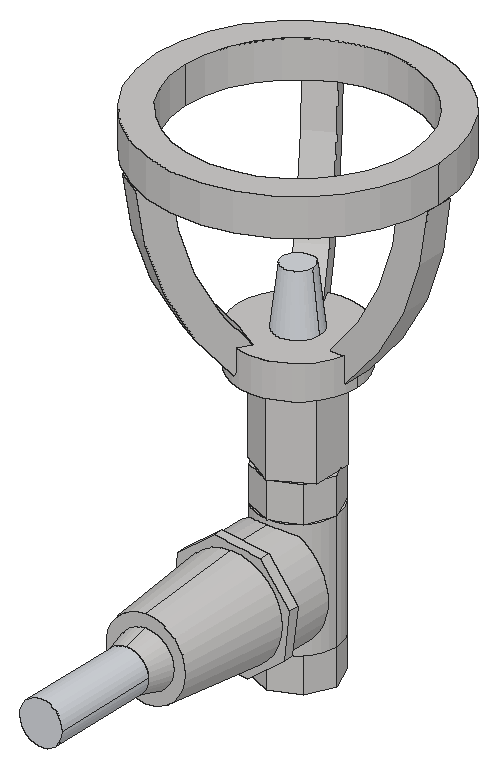
Revit family "BUB206L", category Generic Models, Revit 2015
Parameters
  URL = "www.yepsketch.com"
  Model = "BUB206L"
  Manufacturer = "ENWARE"  # constant formula
  Author = "Yepsketch"  # constant formula
Reference planes
  plane 1 "Center (Front/Back)": y = 0
  plane 2: z = 0
  plane 3 "Center (Left/Right)": x = 0
  plane 4 "REFERENCIA 1": z = 99.956
  plane 5 "REFERENCIA 2": z = 162.819
  plane 6: x = 158.84
  plane 7 "referencia 5": y = -9.899
  plane 8 "referencia6": y = -24.198
  plane 9 "referencia 7": y = -27.198
  plane 10 "referencia 8": y = -62.094
  plane 11 "REFERENCIA 10": z = 111.054
  plane 12: x = 70
  plane 13: z = 165
  plane 14: y = -70
  plane 15: z = 120
  plane 16: y = -105
Forms (mm)
  Sweep 1, solid, material "metal"
    path origin (3.495, 0, 31.933) x (1, 0, 0) y (0, 0, 1)
      loop
        arc (15.912, 61.216) -> (34.925, 88.523) -> (42.664, 120.886) r 89.609
    profile origin (38.421, 0, 120.457) x (-0.912486, 0, 0.409109) y (0, -1, 0)
      loop
        line (0, 4.65) -> (0, -4.65) -> (9.3, -4.65) -> (9.3, 4.65) -> (0, 4.65)
  Sweep 2, solid, material "metal"
    path origin (-1.748, 3.027, 31.933) x (-0.5, 0.866025, 0) y (0, 0, 1)
      loop
        arc (15.912, 61.216) -> (34.925, 88.523) -> (42.664, 120.886) r 89.609
    profile origin (-19.21, 33.273, 120.457) x (0.456243, -0.790236, 0.409109) y (0.866025, 0.5, 0)
      loop
        line (0, 4.65) -> (0, -4.65) -> (9.3, -4.65) -> (9.3, 4.65) -> (0, 4.65)
  Sweep 3, solid, material "metal"
    path origin (-1.748, -3.027, 31.933) x (-0.5, -0.866025, 0) y (0, 0, -1)
      loop
        arc (15.912, -61.216) -> (34.925, -88.523) -> (42.664, -120.886) r 89.609
    profile origin (-19.21, -33.273, 120.457) x (-0.456243, -0.790236, -0.409109) y (0.866025, -0.5, 0)
      loop
        line (0, 4.65) -> (-9.3, 4.65) -> (-9.3, -4.65) -> (0, -4.65) -> (0, 4.65)
  Extrusion 4, solid, material "metal"
    sketch origin (0, 0, 89.956) x (-1, 0, 0) y (0, -1, 0)
      loop
        circle (0, 0) r 19.407
    from 0 to 11.098
  Sweep 5, solid, material "metal"
    path origin (0, 0, 152.819) x (-1, 0, 0) y (0, -1, 0)
      loop
        circle (0, 0) r 46.16
    profile origin (0, 46.16, 152.819) x (0, -1, 0) y (0, 0, 1)
      loop
        line (0, 0) -> (9.3, 0) -> (9.3, 12.181) -> (0, 12.181) -> (0, 0)
  Extrusion 6, solid, material "metal"
    sketch origin (0, 0, 89.226) x (-1, 0, 0) y (0, -1, 0)
      loop
        line (0, -13) -> (11.258, -6.5) -> (11.258, 6.5) -> (0, 13) -> (-11.258, 6.5) -> (-11.258, -6.5) -> (0, -13)
    from 0.73 to -27.5
  Revolve 7, solid, material "metal"
    sketch origin (0, 0, 154.365) x (0, 0, -1) y (1, 0, 0)
      loop
        line (104.292, 0) -> (104.292, -12.645) -> (142.711, -12.645) -> (142.711, 0) -> (104.292, 0)
      axis (104.292, 0) -> (142.711, 0)
    angle from 0 to 360
  Extrusion 8, solid, material "metal"
    sketch origin (0, 0, 11.654) x (-1, 0, 0) y (0, -1, 0)
      loop
        line (-8.98, -8.98) -> (0, -12.7) -> (8.98, -8.98) -> (12.7, 0) -> (8.98, 8.98) -> (0, 12.7) -> (-8.98, 8.98) -> (-12.7, 0) -> (-8.98, -8.98)
    from 0 to -11.654
  Extrusion 9, solid, material "metal"
    sketch origin (0, -9.899, 154.365) x (-1, 0, 0) y (0, 0, -1)
      loop
        circle (0, 123.501) r 17.715
    from 0 to 14.299
  Extrusion 10, solid, material "metal"
    sketch origin (0, -24.198, 154.365) x (-1, 0, 0) y (0, 0, -1)
      loop
        line (-17.492, 133.197) -> (-19.225, 117.989) -> (-9.696, 106.009) -> (5.513, 104.276) -> (17.492, 113.805) -> (19.225, 129.014) -> (9.696, 140.994) -> (-5.513, 142.727) -> (-17.492, 133.197)
    from 0 to 3
  Blend 11, solid, material "metal"
    base sketch origin (0, -27.198, 154.365) x (-1, 0, 0) y (0, 0, -1)
      loop
        circle (0, 123.501) r 16.519
    top sketch origin (0, -27.198, 154.365) x (-1, 0, 0) y (0, 0, -1)
      loop
        circle (0, 123.501) r 13.066
    from 0 to 34.896
  Blend 12, solid, material "metal"
    base sketch origin (0, -62.094, 154.365) x (-1, 0, 0) y (0, 0, -1)
      loop
        circle (0, 123.501) r 9.025
    top sketch origin (0, -62.094, 154.365) x (-1, 0, 0) y (0, 0, -1)
      loop
        circle (0, 123.501) r 6.991
    from 0 to 7.906
  Blend 13, solid
    base sketch origin (0, 0, 101.054) x (-1, 0, 0) y (0, -1, 0)
      loop
        circle (0, 0) r 7.208
    top sketch origin (0, 0, 111.054) x (-1, 0, 0) y (0, -1, 0)
      loop
        circle (0, 0) r 5
    from 0 to 8.946
  Extrusion 14, solid, material "metal"
    sketch origin (0, 0, 61.727) x (-1, 0, 0) y (0, -1, 0)
      loop
        line (-8.98, -8.98) -> (0, -12.7) -> (8.98, -8.98) -> (12.7, 0) -> (8.98, 8.98) -> (0, 12.7) -> (-8.98, 8.98) -> (-12.7, 0) -> (-8.98, -8.98)
    from 0 to -11.654
Cuts and joins
  joined: Sweep 1, Sweep 2, Sweep 3, Extrusion 4
  joined: Revolve 7, Extrusion 9
Dimensions and locks
  aligned and locked: level to plane 2
Nested families
  nested 1: "BUB204L" at (-123.501, -11.567, 30.863), type "BUB204L"
Definition of nested family "BUB204L"
  Parameters (values of type "BUB204L")
    URL = "www.yepsketch.com"
    Model = "BUB204L"
    Manufacturer = "ENWARE"  # constant formula
    Author = "Yepsketch"  # constant formula
  Reference planes
    plane 1 "Center (Front/Back)": y = 0
    plane 2: z = 0
    plane 3 "Center (Left/Right)": x = 0
    plane 4: z = 130
    plane 5 "REFERENCIA 1": z = 54.956
    plane 6 "REFERENCIA 2": z = 117.819
    plane 7 "referencia 3": x = 65.138
    plane 8: x = 158.84
    plane 9 "referencia 4": x = 92.638
    plane 10 "referencia 5": y = -9.899
    plane 11 "referencia6": y = -24.198
    plane 12 "referencia 7": y = -27.198
    plane 13 "referencia 8": y = -51.209
    plane 14 "REFERENCIA 10": z = 66.054
    plane 15 "REFERENCIA 11": y = -58.433
  Forms (mm)
    Extrusion 1, solid
      sketch origin (0, -58.433, 0) x (0, 0, -1) y (1, 0, 0)
        loop
          circle (0, 123.501) r 6.991
      from 0 to 35
  Dimensions and locks
    aligned and locked: level to plane 2
